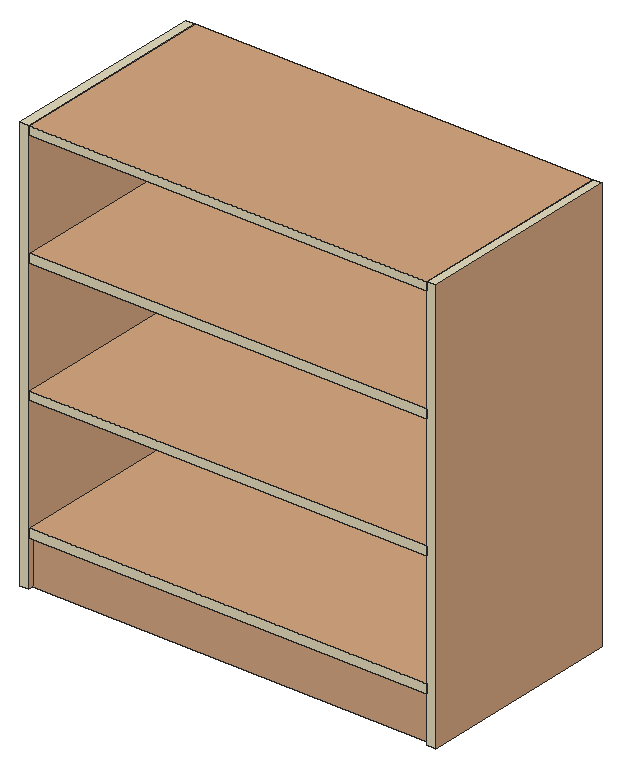
Revit family "8832491f1c6a4e54bae5f5340565f4b2", category Mobilier, Revit 2021
Family settings
  Basée sur le plan de construction = Non
  Toujours verticalement = Oui
  Couper avec des vides une fois chargée = Non
  Partagée = Non
  Point de calcul de pièce = Non
Parameters (values of type "900mm x 450mm")
  Elévation par défaut = 0 mm
  Profondeur = 450 mm
  Chants = Bois - Mélaminé beige
  Panneaux = Bois - Mélaminé brun
  Largeur = 900 mm
  Hauteur = 900 mm
Reference planes
  plane 1 "Centre (avant/arrière)": y = 50
  plane 2: z = 0
  plane 3 "Centre (gauche/droite)": x = 100
  plane 4: x = -350
  plane 5: x = 550
  plane 6 "F": y = 275
  plane 7 "A": y = -175
  plane 8 "HP": z = 100
  plane 9 "H": z = 900
  plane 10: z = 366.667
  plane 11: z = 633.333
  plane 12: z = 881
Forms (mm)
  Extrusion 1, solid, material "Bois - Mélaminé brun" <- "Panneaux"
    sketch origin (0, 0, 0) x (1, 0, 0) y (0, 1, 0)
      loop
        line (-350, -175) -> (-331, -175) -> (-331, 275) -> (-350, 275) -> (-350, -175)
      loop
        line (531, 275) -> (531, -175) -> (550, -175) -> (550, 275) -> (531, 275)
    from 0 to 900
  Extrusion 2, solid, material "Bois - Mélaminé brun" <- "Panneaux"
    sketch origin (0, 0, 0) x (1, 0, 0) y (0, 1, 0)
      loop
        line (-331, -165) -> (531, -165) -> (531, -146) -> (-331, -146) -> (-331, -165)
    from 0 to 100
  Extrusion 3, solid, material "Bois - Mélaminé brun" <- "Panneaux"
    sketch origin (0, 0, 0) x (1, 0, 0) y (0, 1, 0)
      loop
        line (-331, 265) -> (531, 265) -> (531, 275) -> (-331, 275) -> (-331, 265)
    from 0 to 881
  Extrusion 4, solid, material "Bois - Mélaminé brun" <- "Panneaux"
    sketch origin (0, 0, 900) x (0, -1, 0) y (1, 0, 0)
      loop
        line (-275, -331) -> (175, -331) -> (175, 531) -> (-275, 531) -> (-275, -331)
    from 0 to -19
  Extrusion 5, solid, material "Bois - Mélaminé brun" <- "Panneaux"
    sketch origin (0, 275, 0) x (1, 0, 0) y (0, 0, 1)
      loop
        line (-331, 100) -> (531, 100) -> (531, 119) -> (-331, 119) -> (-331, 100)
    from 10 to 450
  Extrusion 6, solid, material "Bois - Mélaminé brun" <- "Panneaux"
    sketch origin (0, 275, 0) x (1, 0, 0) y (0, 0, 1)
      loop
        line (-331, 366.667) -> (531, 366.667) -> (531, 385.667) -> (-331, 385.667) -> (-331, 366.667)
      loop
        line (-331, 633.333) -> (531, 633.333) -> (531, 652.333) -> (-331, 652.333) -> (-331, 633.333)
    from 10 to 450
Dimensions and locks
  equal spacing: plane 4, plane 3 "Centre (gauche/droite)", plane 5
  equal spacing: plane 7 "A", plane 1 "Centre (avant/arrière)", plane 6 "F"
  "Largeur": plane 4 to plane 5
  "Profondeur": plane 7 "A" to plane 6 "F"
  locked: plane 8 "HP" to level at 100
  "Hauteur": plane 9 "H" to level
  locked: plane 4 to Extrusion 1 sketch curve at 19
  locked: Extrusion 1 sketch curve to plane 5 at 19
  locked: plane 4 to Extrusion 2 sketch curve at 19
  locked: Extrusion 2 sketch curve to plane 5 at 19
  locked: Extrusion 2 sketch curve to Extrusion 2 sketch curve at 19
  locked: plane 7 "A" to Extrusion 2 sketch curve at 10
  locked: Extrusion 3 sketch curve to Extrusion 3 sketch curve at 10
  locked: plane 4 to Extrusion 3 sketch curve at 19
  locked: Extrusion 3 sketch curve to plane 5 at 19
  locked: Extrusion 5 sketch curve to Extrusion 5 sketch curve at 19
  equal spacing: plane 9 "H", plane 11, plane 10, plane 8 "HP"
  locked: Extrusion 6 sketch curve to plane 4 at 19
  locked: plane 5 to Extrusion 6 sketch curve at 19
  locked: Extrusion 6 sketch curve to Extrusion 6 sketch curve at 19  (x2)
  locked: plane 9 "H" to plane 12 at 19
  aligned and locked: Extrusion 1 sketch curve to plane 6 "F"
  aligned and locked: plane 7 "A" to Extrusion 1 sketch curve
  aligned and locked: Extrusion 1 sketch curve to plane 4
  aligned and locked: plane 6 "F" to Extrusion 1 sketch curve
  aligned and locked: Extrusion 1 sketch curve to plane 7 "A"
  aligned and locked: Extrusion 1 sketch curve to plane 5
  aligned and locked: Extrusion 1 to plane 9 "H"
  aligned and locked: plane 8 "HP" to Extrusion 2
  aligned and locked: Extrusion 3 sketch curve to plane 6 "F"
  aligned and locked: plane 6 "F" to Extrusion 4 sketch curve
  aligned and locked: Extrusion 4 sketch curve to plane 7 "A"
  aligned and locked: Extrusion 4 sketch curve to Extrusion 1  (x2)
  aligned and locked: Extrusion 3 to Extrusion 4
  aligned and locked: Extrusion 5 sketch curve to plane 8 "HP"
  aligned and locked: plane 7 "A" to Extrusion 5
  aligned and locked: Extrusion 6 sketch curve to Extrusion 6 sketch curve  (x2)
  aligned and locked: plane 11 to Extrusion 6 sketch curve
  aligned and locked: plane 10 to Extrusion 6 sketch curve
  aligned and locked: plane 7 "A" to Extrusion 6
  aligned and locked: Extrusion 4 to plane 12
Automatic sketch dimensions
  Extrusion 5 sketch curve to plane 5 = 19 mm
  plane 4 to Extrusion 5 sketch curve = 19 mm
